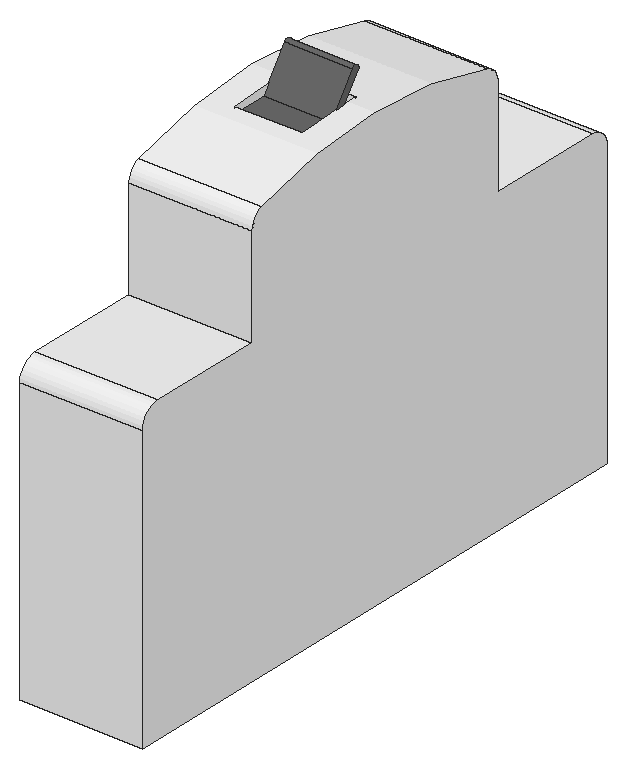
Revit family "Power-ModularDevices-GEWISS-90MCB-MTC45_1PN", category Apparecchi elettrici, host Superficie, Revit 2016 (continued)
Automatic sketch dimensions
  curve 50 to curve 48 = 0.334 mm
  curve 7 to curve 6 = 0.334 mm
  curve 48 to curve 4 = 0.217 mm
  curve 39 to curve 36 = 0.564 mm
  curve 28 to curve 33 = 0.564 mm
  curve 10 to curve 3 = 0.522 mm
  curve 35 to curve 25 = 0.627 mm
  curve 57 to curve 53 = 1.044 mm
  curve 49 to curve 44 = 1.044 mm
  curve 16 to curve 18 = 1.045 mm
  curve 17 to curve 19 = 0.334 mm
  curve 44 to curve 45 = 0.334 mm
  curve 52 to curve 55 = 0.334 mm
  curve 3 to curve 106 = 0.856 mm
  curve 54 to curve 5 = 0.203 mm
  curve 10 to curve 105 = 1.044 mm
  curve 45 to curve 23 = 1.044 mm
  curve 19 to curve 12 = 1.044 mm
  curve 5 to curve 56 = 0.841 mm
  curve 25 to curve 25 = 1.566 mm
  curve 21 to curve 46 = 0 mm
  curve 25 to curve 26 = 0 mm
  curve 4 to curve 102 = 0.53 mm
  curve 47 to curve 380 = 9.193 mm
  curve 93 to curve 380 = 0 mm
  curve 92 to curve 93 = 0.347 mm
  curve 380 to curve 381 = 0.347 mm
  curve 92 to curve 91 = 0.347 mm
  curve 380 to curve 380 = 0.347 mm
  curve 379 to curve 378 = 0.947 mm
  curve 93 to curve 95 = 0.947 mm  (x2)
  curve 91 to curve 90 = 0.947 mm
  curve 381 to curve 382 = 0.947 mm  (x2)
  curve 382 to curve 383 = 1.293 mm
  curve 94 to curve 95 = 1.293 mm
  curve 378 to curve 377 = 1.293 mm
  curve 90 to curve 90 = 1.293 mm
  curve 377 to curve 377 = 1.293 mm
  curve 383 to curve 384 = 1.293 mm
  curve 89 to curve 88 = 1.293 mm
  curve 95 to curve 97 = 1.293 mm
  curve 376 to curve 376 = 0.947 mm  (x2)
  curve 88 to curve 88 = 0.947 mm  (x2)
  curve 384 to curve 385 = 0.947 mm
  curve 96 to curve 98 = 0.947 mm
  curve 385 to curve 386 = 0.347 mm
  curve 97 to curve 87 = 0.347 mm
  curve 87 to curve 74 = 6.51 mm
  curve 99 to curve 63 = 0.251 mm
  curve 68 to curve 9 = 1.512 mm
  curve 8 to curve 11 = 0.336 mm
  curve 72 to curve 78 = 1.913 mm
  curve 74 to curve 90 = 1.913 mm
  curve 10 to curve 105 = 0.229 mm
  curve 77 to curve 78 = 0.347 mm
  curve 77 to curve 77 = 0.347 mm
  curve 89 to curve 88 = 0.347 mm
  curve 89 to curve 90 = 0.347 mm
  curve 10 to curve 7 = 1.043 mm
  curve 11 to curve 7 = 0 mm
  curve 90 to curve 91 = 0.947 mm
  curve 78 to curve 79 = 0.947 mm
  curve 7 to curve 14 = 0.334 mm
  curve 6 to curve 108 = 1.378 mm
  curve 16 to curve 19 = 0.001 mm
  curve 87 to curve 98 = 1.293 mm  (x2)
  curve 75 to curve 75 = 1.293 mm
  curve 79 to curve 81 = 1.293 mm
  curve 91 to curve 92 = 1.293 mm
  curve 107 to curve 15 = 0.523 mm
  curve 14 to curve 37 = 0.334 mm
  curve 75 to curve 86 = 1.293 mm
  curve 80 to curve 81 = 1.293 mm
  curve 92 to curve 93 = 1.293 mm
  curve 38 to curve 16 = 1.044 mm
  curve 17 to curve 20 = 0 mm
  curve 16 to curve 39 = 0.136 mm
  curve 81 to curve 83 = 0.947 mm
  curve 85 to curve 84 = 0.947 mm
  curve 97 to curve 97 = 0.947 mm
  curve 12 to curve 40 = 0.782 mm
  curve 96 to curve 95 = 0.347 mm
  curve 84 to curve 84 = 0.347 mm
  curve 39 to curve 37 = 0.825 mm
  curve 39 to curve 35 = 1.201 mm
  curve 36 to curve 35 = 0.637 mm
  curve 40 to curve 41 = 1.046 mm
  curve 35 to curve 26 = 0.804 mm
  curve 25 to curve 27 = 0.627 mm
  curve 34 to curve 34 = 1.086 mm
  curve 25 to curve 33 = 0.804 mm
  curve 33 to curve 32 = 0.637 mm
  curve 26 to curve 28 = 1.044 mm
  curve 32 to curve 28 = 1.201 mm
  curve 28 to curve 23 = 0.136 mm
  curve 83 to curve 390 = 3.826 mm
  curve 95 to curve 378 = 3.826 mm
  curve 389 to curve 389 = 0.347 mm
  curve 377 to curve 377 = 0.347 mm
  curve 389 to curve 390 = 0.347 mm
  curve 377 to curve 378 = 0.347 mm
  curve 22 to curve 22 = 1.044 mm
  curve 29 to curve 21 = 0 mm
  curve 21 to curve 45 = 0.334 mm
  curve 43 to curve 45 = 0 mm
  curve 389 to curve 388 = 0.947 mm
  curve 390 to curve 392 = 0.947 mm
  curve 378 to curve 380 = 0.947 mm
  curve 21 to curve 110 = 1.378 mm
  curve 388 to curve 387 = 1.293 mm
  curve 392 to curve 392 = 1.293 mm
  curve 375 to curve 386 = 1.293 mm
  curve 379 to curve 380 = 1.293 mm
  curve 49 to curve 45 = 0.856 mm
  curve 45 to curve 48 = 1.044 mm
  curve 42 to curve 48 = 0 mm
  curve 380 to curve 382 = 1.293 mm
  curve 392 to curve 393 = 1.293 mm
  curve 375 to curve 385 = 1.293 mm
  curve 387 to curve 398 = 1.293 mm
  curve 47 to curve 54 = 0.334 mm
  curve 42 to curve 52 = 0.334 mm
  curve 54 to curve 5 = 0.14 mm
  curve 48 to curve 4 = 0.666 mm
  curve 398 to curve 396 = 0.947 mm
  curve 393 to curve 395 = 0.947 mm
  curve 385 to curve 385 = 0.947 mm
  curve 52 to curve 112 = 0.82 mm
  curve 384 to curve 383 = 0.347 mm
  curve 396 to curve 395 = 0.347 mm
  curve 55 to curve 56 = 1.044 mm
  curve 4 to curve 58 = 0.713 mm
  curve 57 to curve 114 = 0.728 mm
  curve 61 to curve 362 = 17.497 mm
  curve 4 to curve 71 = 1.847 mm
  curve 99 to curve 362 = 2.193 mm
  curve 61 to curve 70 = 1.807 mm
  curve 67 to curve 65 = 4.5 mm
  curve 65 to curve 66 = 2 mm
  curve 66 to curve 69 = 3.255 mm
  curve 69 to curve 60 = 5 mm
  curve 62 to curve 65 = 3.78 mm
  curve 99 to curve 61 = 5.527 mm
  curve 362 to curve 99 = 5.527 mm
  curve 67 to curve 363 = 3.733 mm
  curve 184 to curve 417 = 6.163 mm
  curve 184 to curve 193 = 6.163 mm
  curve 192 to curve 194 = 0.347 mm
  curve 192 to curve 192 = 0.347 mm
  curve 417 to curve 415 = 0.347 mm
  curve 416 to curve 418 = 0.347 mm
  curve 417 to curve 418 = 0.947 mm
  curve 415 to curve 415 = 0.947 mm
  curve 193 to curve 194 = 0.947 mm
  curve 191 to curve 191 = 0.947 mm
  curve 418 to curve 420 = 1.293 mm
  curve 414 to curve 414 = 1.293 mm
  curve 190 to curve 189 = 1.293 mm
  curve 194 to curve 195 = 1.293 mm
  curve 195 to curve 196 = 1.293 mm
  curve 413 to curve 413 = 1.293 mm
  curve 189 to curve 188 = 1.293 mm
  curve 419 to curve 420 = 1.293 mm
  curve 188 to curve 188 = 0.947 mm  (x2)
  curve 413 to curve 411 = 0.947 mm
  curve 420 to curve 422 = 0.947 mm
  curve 196 to curve 197 = 0.947 mm
  curve 421 to curve 422 = 0.347 mm
  curve 197 to curve 198 = 0.347 mm
  curve 187 to curve 171 = 9.01 mm
  curve 171 to curve 173 = 13.663 mm
  curve 171 to curve 365 = 13.663 mm
  curve 173 to curve 174 = 7.307 mm
  curve 365 to curve 224 = 19.699 mm
  curve 155 to curve 164 = 0 mm
  curve 143 to curve 154 = 0 mm
  curve 125 to curve 143 = 0 mm
  curve 119 to curve 125 = 0 mm
  curve 146 to curve 143 = 0 mm
  curve 126 to curve 150 = 0 mm
  curve 126 to curve 220 = 1.044 mm
  curve 127 to curve 150 = 0 mm
  curve 154 to curve 162 = 1.044 mm
  curve 224 to curve 170 = 1.044 mm
  curve 143 to curve 140 = 1.044 mm
  curve 216 to curve 121 = 1.044 mm
  curve 151 to curve 129 = 0.334 mm
  curve 170 to curve 225 = 0.334 mm
  curve 141 to curve 133 = 0.334 mm
  curve 162 to curve 160 = 0.334 mm
  curve 119 to curve 118 = 0.334 mm
  curve 160 to curve 116 = 0.217 mm
  curve 151 to curve 148 = 0.564 mm
  curve 140 to curve 145 = 0.564 mm
  curve 122 to curve 115 = 0.522 mm
  curve 147 to curve 137 = 0.627 mm
  curve 169 to curve 165 = 1.044 mm
  curve 161 to curve 156 = 1.044 mm
  curve 128 to curve 130 = 1.045 mm
  curve 129 to curve 131 = 0.334 mm
  curve 156 to curve 157 = 0.334 mm
  curve 164 to curve 167 = 0.334 mm
  curve 115 to curve 218 = 0.856 mm
  curve 166 to curve 117 = 0.203 mm
  curve 122 to curve 217 = 1.044 mm
  curve 157 to curve 135 = 1.044 mm
  curve 131 to curve 124 = 1.044 mm
  curve 117 to curve 168 = 0.841 mm
  curve 137 to curve 137 = 1.566 mm
  curve 133 to curve 158 = 0 mm
  curve 137 to curve 138 = 0 mm
  curve 116 to curve 214 = 0.53 mm
  curve 159 to curve 404 = 9.193 mm
  curve 205 to curve 404 = 0 mm
  curve 204 to curve 205 = 0.347 mm
  curve 404 to curve 405 = 0.347 mm
  curve 204 to curve 203 = 0.347 mm
  curve 404 to curve 404 = 0.347 mm
  curve 403 to curve 402 = 0.947 mm
  curve 205 to curve 207 = 0.947 mm  (x2)
  curve 203 to curve 202 = 0.947 mm
  curve 405 to curve 406 = 0.947 mm  (x2)
  curve 406 to curve 407 = 1.293 mm
  curve 206 to curve 207 = 1.293 mm
  curve 402 to curve 401 = 1.293 mm
  curve 202 to curve 202 = 1.293 mm
  curve 401 to curve 401 = 1.293 mm
  curve 407 to curve 408 = 1.293 mm
  curve 201 to curve 200 = 1.293 mm
  curve 207 to curve 209 = 1.293 mm
  curve 400 to curve 400 = 0.947 mm  (x2)
  curve 200 to curve 200 = 0.947 mm  (x2)
  curve 408 to curve 409 = 0.947 mm
  curve 208 to curve 210 = 0.947 mm
  curve 409 to curve 410 = 0.347 mm
  curve 209 to curve 199 = 0.347 mm
  curve 199 to curve 186 = 6.51 mm
  curve 211 to curve 175 = 0.251 mm
  curve 180 to curve 121 = 1.512 mm
  curve 120 to curve 123 = 0.336 mm
  curve 184 to curve 190 = 1.913 mm
  curve 186 to curve 202 = 1.913 mm
  curve 122 to curve 217 = 0.229 mm
  curve 189 to curve 190 = 0.347 mm
  curve 189 to curve 189 = 0.347 mm
  curve 201 to curve 200 = 0.347 mm
  curve 201 to curve 202 = 0.347 mm
  curve 122 to curve 119 = 1.043 mm
  curve 123 to curve 119 = 0 mm
  curve 202 to curve 203 = 0.947 mm
  curve 190 to curve 191 = 0.947 mm
  curve 119 to curve 126 = 0.334 mm
  curve 118 to curve 220 = 1.378 mm
  curve 128 to curve 131 = 0.001 mm
  curve 199 to curve 210 = 1.293 mm  (x2)
  curve 187 to curve 187 = 1.293 mm
  curve 191 to curve 193 = 1.293 mm
  curve 203 to curve 204 = 1.293 mm
  curve 219 to curve 127 = 0.523 mm
  curve 126 to curve 149 = 0.334 mm
  curve 187 to curve 198 = 1.293 mm
  curve 192 to curve 193 = 1.293 mm
  curve 204 to curve 205 = 1.293 mm
  curve 150 to curve 128 = 1.044 mm
  curve 129 to curve 132 = 0 mm
  curve 128 to curve 151 = 0.136 mm
  curve 193 to curve 195 = 0.947 mm
  curve 197 to curve 196 = 0.947 mm
  curve 209 to curve 209 = 0.947 mm
  curve 124 to curve 152 = 0.782 mm
  curve 208 to curve 207 = 0.347 mm
  curve 196 to curve 196 = 0.347 mm
  curve 151 to curve 149 = 0.825 mm
  curve 151 to curve 147 = 1.201 mm
  curve 148 to curve 147 = 0.637 mm
  curve 152 to curve 153 = 1.046 mm
  curve 147 to curve 138 = 0.804 mm
  curve 137 to curve 139 = 0.627 mm
  curve 146 to curve 146 = 1.086 mm
  curve 137 to curve 145 = 0.804 mm
  curve 145 to curve 144 = 0.637 mm
  curve 138 to curve 140 = 1.044 mm
  curve 144 to curve 140 = 1.201 mm
  curve 140 to curve 135 = 0.136 mm
  curve 195 to curve 414 = 3.826 mm
  curve 207 to curve 402 = 3.826 mm
  curve 413 to curve 413 = 0.347 mm
  curve 401 to curve 401 = 0.347 mm
  curve 413 to curve 414 = 0.347 mm
  curve 401 to curve 402 = 0.347 mm
  curve 134 to curve 134 = 1.044 mm
  curve 141 to curve 133 = 0 mm
  curve 133 to curve 157 = 0.334 mm
  curve 155 to curve 157 = 0 mm
  curve 413 to curve 412 = 0.947 mm
  curve 414 to curve 416 = 0.947 mm
  curve 402 to curve 404 = 0.947 mm
  curve 133 to curve 222 = 1.378 mm
  curve 412 to curve 411 = 1.293 mm
  curve 416 to curve 416 = 1.293 mm
  curve 399 to curve 410 = 1.293 mm
  curve 403 to curve 404 = 1.293 mm
  curve 161 to curve 157 = 0.856 mm
  curve 157 to curve 160 = 1.044 mm
  curve 154 to curve 160 = 0 mm
  curve 404 to curve 406 = 1.293 mm
  curve 416 to curve 417 = 1.293 mm
  curve 399 to curve 409 = 1.293 mm
  curve 411 to curve 422 = 1.293 mm
  curve 159 to curve 166 = 0.334 mm
  curve 154 to curve 164 = 0.334 mm
  curve 166 to curve 117 = 0.14 mm
  curve 160 to curve 116 = 0.666 mm
  curve 422 to curve 420 = 0.947 mm
  curve 417 to curve 419 = 0.947 mm
  curve 409 to curve 409 = 0.947 mm
  curve 164 to curve 224 = 0.82 mm
  curve 408 to curve 407 = 0.347 mm
  curve 420 to curve 419 = 0.347 mm
  curve 167 to curve 168 = 1.044 mm
  curve 116 to curve 170 = 0.713 mm
  curve 169 to curve 226 = 0.728 mm
  curve 173 to curve 364 = 17.497 mm
  curve 116 to curve 183 = 1.847 mm
  curve 211 to curve 364 = 2.193 mm
  curve 173 to curve 182 = 1.807 mm
  curve 179 to curve 177 = 4.5 mm
  curve 177 to curve 178 = 2 mm
  curve 178 to curve 181 = 3.255 mm
  curve 181 to curve 172 = 5 mm
  curve 174 to curve 177 = 3.78 mm
  curve 211 to curve 173 = 5.527 mm
  curve 364 to curve 211 = 5.527 mm
  curve 179 to curve 365 = 3.733 mm
  curve 229 to curve 368 = 0 mm
  curve 229 to curve 368 = 9 mm
  curve 1 to curve 369 = 0 mm
  curve 1 to curve 369 = 9 mm
  curve 2 to curve 370 = 0 mm
  curve 2 to curve 370 = 9 mm
  curve 227 to curve 371 = 0 mm
  curve 227 to curve 371 = 9 mm
  curve 228 to curve 372 = 0 mm
  curve 228 to curve 372 = 9 mm
  curve 366 to curve 373 = 0 mm
  curve 366 to curve 373 = 9 mm
  curve 367 to curve 374 = 0 mm
  curve 367 to curve 374 = 9 mm
  radius of curve 229 = 2.5 mm
  radius of curve 368 = 2.5 mm
  radius of curve 1 = 2.5 mm
  radius of curve 369 = 2.5 mm
  radius of curve 2 = 2.5 mm
  radius of curve 370 = 2.5 mm
  radius of curve 227 = 2.5 mm
  radius of curve 371 = 2.5 mm
  radius of curve 228 = 2.5 mm
  radius of curve 372 = 2.5 mm
  radius of curve 366 = 2.5 mm
  radius of curve 373 = 2.5 mm
  radius of curve 367 = 2.5 mm
  radius of curve 374 = 2.5 mm
Nested families
  nested 1: "MAGTER" at (0, 66.236, 0), Distanza dal muro <- "Distanza dal muro", SIMBOLO <- "Simbolo_", type "MAGTER"
    with SIMBOLO yes, Distanza dal muro 4.208 mm, BORDO ACCESO yes
Connectors
  electrical at (0, 42.5, -23.89), driven by "Numero di poli_", driven by "Voltaggio", driven by "Carico apparente"
    settings: on cut or joined group of Extrusion 1, Extrusion 15, index 1, voltage 230 V, apparent load 0 VA, apparent load phase1 0 VA, apparent load phase2 0 VA, apparent load phase3 0 VA, power factor 1, load classification "Altro", number of poles 1, system type 31, power factor state 1, is connector primary yes, connector utility no, sub classification motor no, connector description ""
Definition of nested family "MAGTER"
  Parameters (values of type "MAGTER")
    SIMBOLO [instance] = yes
    Distanza dal muro [instance] = 4.208 mm
    BORDO ACCESO [instance] = yes
  Reference planes
    plane 1: y = 0
    plane 2: x = 0
  Lines and regions (mm)
    detail lines, visible <- "BORDO ACCESO", not visible
      curve 1: line (-2.25, 0.412, 0) -> (2.25, 0.412, 0)
      curve 2: line (2.25, 0.412, 0) -> (2.25, -5.588, 0)
      curve 3: line (2.25, -5.588, 0) -> (-2.25, -5.588, 0)
      curve 4: line (-2.25, -5.588, 0) -> (-2.25, 0.412, 0)
      curve 30: line (-1.85, 0.012, 0) -> (1.85, 0.012, 0)
      curve 31: line (1.85, 0.012, 0) -> (1.85, -5.188, 0)
      curve 32: line (1.85, -5.188, 0) -> (-1.85, -5.188, 0)
      curve 33: line (-1.85, -5.188, 0) -> (-1.85, 0.012, 0)
      curve 34: line (-2.25, 6, 0) -> (2.25, 6, 0)
      curve 35: line (2.25, 6, 0) -> (2.25, 0, 0)
      curve 36: line (2.25, 0, 0) -> (-2.25, 0, 0)
      curve 37: line (-2.25, 0, 0) -> (-2.25, 6, 0)
      curve 61: line (-1.85, 5.6, 0) -> (1.85, 5.6, 0)
      curve 62: line (1.85, 5.6, 0) -> (1.85, 0.4, 0)
      curve 63: line (1.85, 0.4, 0) -> (-1.85, 0.4, 0)
      curve 64: line (-1.85, 0.4, 0) -> (-1.85, 5.6, 0)
      curve 65: line (-2.443, 10.208, 0) -> (2.057, 10.208, 0)
      curve 66: line (2.057, 10.208, 0) -> (2.057, 4.208, 0)
      curve 67: line (2.057, 4.208, 0) -> (-2.443, 4.208, 0)
      curve 68: line (-2.443, 4.208, 0) -> (-2.443, 10.208, 0)
      curve 69: line (-2.043, 9.808, 0) -> (1.657, 9.808, 0)
      curve 70: line (1.657, 9.808, 0) -> (1.657, 4.608, 0)
      curve 71: line (1.657, 4.608, 0) -> (-2.043, 4.608, 0)
      curve 72: line (-2.043, 4.608, 0) -> (-2.043, 9.808, 0)
    detail lines, not visible
      curve 5: line (-9.473, -5.588, 0) -> (10.527, -5.588, 0)
      curve 6: circle (-0.56, -0.487, 0) r 0.969 normal (0, 0, 1)
      curve 7: line (-0.005, 0.306, 0) -> (0.852, 1.529, 0)
      curve 8: line (0.852, 1.529, 0) -> (1.529, 1.047, 0)
      curve 9: circle (-0.56, -315.487, 0) r 0.969 normal (0, 0, 1)
      curve 10: line (-0.005, -314.694, 0) -> (0.852, -313.471, 0)
      curve 11: line (0.852, -313.471, 0) -> (1.529, -313.953, 0)
      curve 12: line (-1.245, -314.803, 0) -> (0.124, -316.172, 0)
      curve 13: line (0.124, -314.803, 0) -> (-1.245, -316.172, 0)
      curve 14: circle (-0.56, -480.487, 0) r 0.969 normal (0, 0, 1)
      curve 15: line (-0.005, -479.694, 0) -> (0.852, -478.471, 0)
      curve 16: line (0.852, -478.471, 0) -> (1.529, -478.953, 0)
      curve 17: line (0.493, -478.983, 0) -> (1.167, -479.462, 0)
      curve 18: circle (-0.56, -880.487, 0) r 0.969 normal (0, 0, 1)
      curve 19: line (-0.005, -879.694, 0) -> (0.852, -878.471, 0)
      curve 20: line (0.852, -878.471, 0) -> (1.529, -878.953, 0)
      curve 21: line (-1.245, -879.803, 0) -> (0.124, -881.172, 0)
      curve 22: line (0.124, -879.803, 0) -> (-1.245, -881.172, 0)
      curve 23: line (0.493, -878.983, 0) -> (1.167, -879.462, 0)
      curve 24: circle (-0.56, -365.487, 0) r 0.969 normal (0, 0, 1)
      curve 25: line (-0.005, -364.694, 0) -> (0.852, -363.471, 0)
      curve 26: line (0.852, -363.471, 0) -> (1.529, -363.953, 0)
      curve 27: line (-0.56, -364.925, 0) -> (-0.56, -366.05, 0)
      curve 28: line (0.493, -363.983, 0) -> (1.167, -364.462, 0)
      curve 29: line (0, 3.621, 0) -> (0, -16.379, 0)
      curve 38: circle (-0.56, 2.417, 0) r 0.969 normal (0, 0, 1)
      curve 39: line (-0.005, 3.21, 0) -> (0.852, 4.433, 0)
      curve 40: line (0.852, 4.433, 0) -> (1.529, 3.951, 0)
      curve 41: circle (-0.56, 2.417, 0) r 0.969 normal (0, 0, 1)
      curve 42: line (-0.005, 3.21, 0) -> (0.852, 4.433, 0)
      curve 43: line (0.852, 4.433, 0) -> (1.529, 3.951, 0)
      curve 44: line (-1.245, 3.102, 0) -> (0.124, 1.732, 0)
      curve 45: line (0.124, 3.102, 0) -> (-1.245, 1.732, 0)
      curve 46: circle (-0.56, 2.417, 0) r 0.969 normal (0, 0, 1)
      curve 47: line (-0.005, 3.21, 0) -> (0.852, 4.433, 0)
      curve 48: line (0.852, 4.433, 0) -> (1.529, 3.951, 0)
      curve 49: circle (-0.56, 2.417, 0) r 0.969 normal (0, 0, 1)
      curve 50: line (-0.005, 3.21, 0) -> (0.852, 4.433, 0)
      curve 51: line (0.852, 4.433, 0) -> (1.529, 3.951, 0)
      curve 52: line (-1.245, 3.102, 0) -> (0.124, 1.732, 0)
      curve 53: line (0.124, 3.102, 0) -> (-1.245, 1.732, 0)
      curve 54: line (0.493, 3.921, 0) -> (1.167, 3.442, 0)
      curve 55: line (0.493, 3.921, 0) -> (1.167, 3.442, 0)
      curve 56: circle (-0.56, 2.417, 0) r 0.969 normal (0, 0, 1)
      curve 57: line (-0.005, 3.21, 0) -> (0.852, 4.433, 0)
      curve 58: line (0.852, 4.433, 0) -> (1.529, 3.951, 0)
      curve 59: line (-0.56, 2.979, 0) -> (-0.56, 1.854, 0)
      curve 60: line (0.493, 3.921, 0) -> (1.167, 3.442, 0)
      curve 73: line (-1.644, 2.848, 0) -> (1.644, 2.848, 0)
      curve 74: line (-1.644, 0.61, 0) -> (-1.644, 2.848, 0)
      curve 75: line (1.644, 0.61, 0) -> (-1.644, 0.61, 0)
      curve 76: line (1.644, 2.848, 0) -> (1.644, 0.61, 0)
      curve 77: line (-1.325, 0.987, 0) -> (1.325, 0.987, 0)
      curve 78: circle (0, 1.912, 0) r 0.5 normal (0, 0, 1)
      curve 79: circle (0, 1.912, 0) r 0.8 normal (0, 0, 1)
      curve 80: line (-1.325, 0.987, 0) -> (1.325, 0.987, 0)
      curve 81: line (-0.354, 2.265, 0) -> (0.354, 1.558, 0)
      curve 82: line (0.354, 2.265, 0) -> (-0.354, 1.558, 0)
  Dimensions and locks
    aligned and locked: curve 5 to curve 3
    aligned and locked: plane 2 to nested 1
  Nested families
    nested 1: "MAGTER_BASE" at (0, 1.316, 0), BORDO ACCESO <- "BORDO ACCESO", visible <- "SIMBOLO", type "SIMBOLO"
      with BORDO ACCESO yes
  Definition of nested family "MAGTER_BASE"
    Parameters (values of type "SIMBOLO")
      BORDO ACCESO [instance] = yes
    Reference planes
      plane 1: y = 0
      plane 2: x = 0
    Lines and regions (mm)
      detail lines, visible <- "BORDO ACCESO", not visible
        curve 1: line (-1.943, 9.208, 0) -> (1.857, 9.208, 0)
        curve 2: line (1.857, 9.208, 0) -> (1.857, 4.208, 0)
        curve 3: line (1.857, 4.208, 0) -> (-1.943, 4.208, 0)
        curve 4: line (-1.943, 4.208, 0) -> (-1.943, 9.208, 0)
        curve 5: line (-1.743, 9.008, 0) -> (1.657, 9.008, 0)
        curve 6: line (1.657, 9.008, 0) -> (1.657, 4.408, 0)
        curve 7: line (1.657, 4.408, 0) -> (-1.743, 4.408, 0)
        curve 8: line (-1.743, 4.408, 0) -> (-1.743, 9.008, 0)
      detail lines, not visible
        curve 9: line (-1.644, 2.848, 0) -> (1.644, 2.848, 0)
        curve 10: line (-1.644, 0.61, 0) -> (-1.644, 2.848, 0)
        curve 11: line (1.644, 0.61, 0) -> (-1.644, 0.61, 0)
        curve 12: line (1.644, 2.848, 0) -> (1.644, 0.61, 0)
        curve 13: line (-1.325, 0.987, 0) -> (1.325, 0.987, 0)
        curve 14: circle (0, 1.912, 0) r 0.5 normal (0, 0, 1)
        curve 15: circle (0, 1.912, 0) r 0.8 normal (0, 0, 1)
        curve 16: line (-1.325, 0.987, 0) -> (1.325, 0.987, 0)
        curve 17: line (-0.354, 2.265, 0) -> (0.354, 1.558, 0)
        curve 18: line (0.354, 2.265, 0) -> (-0.354, 1.558, 0)
        curve 19: circle (0, -4.588, 0) r 1 normal (0, 0, 1)
        curve 20: circle (0, -4.588, 0) r 0.749 normal (0, 0, 1)
        curve 21: line (0.53, -5.117, 0) -> (-0.53, -4.058, 0)
        curve 22: line (-0.53, -5.117, 0) -> (0.53, -4.058, 0)
        curve 23: circle (0, -6.992, 0) r 1 normal (0, 0, 1)
        curve 24: circle (0, -6.992, 0) r 0.749 normal (0, 0, 1)
        curve 25: circle (0, -8.992, 0) r 1 normal (0, 0, 1)
        curve 26: circle (0, -8.992, 0) r 0.749 normal (0, 0, 1)
        curve 27: circle (0, 2.508, 0) r 0.527 normal (0, 0, 1)
        curve 28: line (0, 2.809, 0) -> (0, 2.179, 0)
        curve 29: circle (0, 2.508, 0) r 0.394 normal (0, 0, 1)
        curve 30: line (0, 1.982, 0) -> (0, 1.691, 0)
        curve 31: line (-0.162, 1.691, 0) -> (0.162, 1.691, 0)
        curve 32: line (-0.162, 1.691, 0) -> (0, 1.41, 0)
        curve 33: line (0, 1.41, 0) -> (0.162, 1.691, 0)
        curve 34: line (-0.866, 3.093, 0) -> (0.866, 3.093, 0)
        curve 35: line (-0.866, 1.915, 0) -> (-0.866, 3.093, 0)
        curve 36: line (0.866, 1.915, 0) -> (-0.866, 1.915, 0)
        curve 37: line (0.866, 3.093, 0) -> (0.866, 1.915, 0)
        curve 38: line (-0.698, 2.113, 0) -> (0.698, 2.113, 0)
        curve 39: circle (0, 2.6, 0) r 0.263 normal (0, 0, 1)
        curve 40: circle (0, 2.6, 0) r 0.421 normal (0, 0, 1)
        curve 41: line (-0.698, 2.113, 0) -> (0.698, 2.113, 0)
        curve 42: line (-0.186, 2.786, 0) -> (0.186, 2.414, 0)
        curve 43: line (0.186, 2.786, 0) -> (-0.186, 2.414, 0)
        curve 44: circle (0, 2.508, 0) r 0.527 normal (0, 0, 1)
        curve 45: circle (0, 2.508, 0) r 0.394 normal (0, 0, 1)
        curve 46: line (0.279, 2.229, 0) -> (-0.279, 2.787, 0)
        curve 47: line (-0.279, 2.229, 0) -> (0.279, 2.787, 0)
        curve 48: circle (0, 3.035, 0) r 0.527 normal (0, 0, 1)
        curve 49: circle (0, 3.035, 0) r 0.394 normal (0, 0, 1)
        curve 50: circle (0, 1.982, 0) r 0.527 normal (0, 0, 1)
        curve 51: circle (0, 1.982, 0) r 0.394 normal (0, 0, 1)
        curve 52: line (7.117, 11.625, 0) -> (8, 12.528, 0)
        curve 53: line (7.117, 12.528, 0) -> (8, 11.625, 0)
        curve 54: line (4.688, 6.204, 0) -> (10.431, 6.204, 0)
        curve 55: line (10.431, 6.204, 0) -> (10.431, 0.331, 0)
        curve 56: line (10.431, 0.331, 0) -> (4.688, 0.331, 0)
        curve 57: line (4.688, 0.331, 0) -> (4.688, 6.204, 0)
        curve 58: line (4.688, 3.267, 0) -> (10.431, 3.267, 0)
        curve 59: line (5.351, 12.077, 0) -> (7.56, 7.332, 0)
        curve 60: line (7.56, 7.332, 0) -> (7.56, 6.204, 0)
        curve 61: line (7.56, 6.204, 0) -> (7.56, 5.525, 0)
        curve 62: line (7.56, 5.525, 0) -> (8.884, 5.525, 0)
        curve 63: line (8.884, 5.525, 0) -> (8.884, 3.944, 0)
        curve 64: line (8.884, 3.944, 0) -> (7.56, 3.944, 0)
        curve 65: line (7.56, 3.944, 0) -> (7.56, 3.267, 0)
        curve 66: line (7.56, 3.267, 0) -> (7.56, 2.362, 0)
        curve 67: line (7.56, 2.362, 0) -> (8.443, 2.362, 0)
        curve 68: line (8.443, 1.007, 0) -> (7.56, 1.007, 0)
        curve 69: line (7.56, 1.007, 0) -> (7.56, 0.331, 0)
        curve 70: line (5.651, 11.428, 0) -> (6.285, 10.069, 0)
        curve 71: line (6.285, 10.069, 0) -> (5.843, 9.843, 0)
        curve 72: line (5.843, 9.843, 0) -> (5.2, 11.2, 0)
        curve 73: line (5.2, 11.2, 0) -> (5.651, 11.428, 0)
        curve 74: line (5.651, 11.428, 0) -> (5.2, 11.2, 0)
        curve 75: line (5.2, 11.2, 0) -> (5.843, 9.843, 0)
        curve 76: line (5.843, 9.843, 0) -> (6.285, 10.069, 0)
        curve 77: line (6.285, 10.069, 0) -> (5.651, 11.428, 0)
        curve 78: line (5.651, 11.428, 0) -> (5.2, 11.2, 0)
        curve 79: line (5.2, 11.2, 0) -> (5.843, 9.843, 0)
        curve 80: line (5.843, 9.843, 0) -> (6.285, 10.069, 0)
        curve 81: line (6.285, 10.069, 0) -> (5.651, 11.428, 0)
        curve 82: line (5.651, 11.428, 0) -> (5.2, 11.2, 0)
        curve 83: line (5.2, 11.2, 0) -> (5.843, 9.843, 0)
        curve 84: line (5.843, 9.843, 0) -> (6.285, 10.069, 0)
        curve 85: line (4.688, 0.331, 0) -> (10.431, 0.331, 0)
        curve 86: line (10.431, 0.331, 0) -> (10.431, -2.606, 0)
        curve 87: line (10.431, -2.606, 0) -> (4.688, -2.606, 0)
        curve 88: line (4.688, -2.606, 0) -> (4.688, 0.331, 0)
        curve 89: line (7.56, -6.718, 0) -> (7.56, -2.606, 0)
        curve 90: line (7.56, 12.075, 0) -> (7.56, 16.775, 0)
        curve 91: arc (8.443, 2.362, 0) -> (9.12, 1.685, 0) -> (8.443, 1.007, 0) r 0.677
        curve 108: line (-1.483, 1.007, 0) -> (-1.663, 1.007, 0)
        curve 109: line (-1.483, 0.807, 0) -> (-1.483, 1.007, 0)
        curve 110: line (-1.663, 0.807, 0) -> (-1.483, 0.807, 0)
        curve 111: line (-1.663, 1.007, 0) -> (-1.663, 0.807, 0)
        curve 115: arc (1.499, 0.957, 0) -> (1.599, 1.057, 0) -> (1.499, 1.157, 0) r 0.1
        curve 116: line (1.499, 1.157, 0) -> (1.499, 0.957, 0)
      detail lines
        curve 92: line (-0.229, 1.332, 0) -> (0.307, 1.332, 0)
        curve 93: line (0.307, 1.332, 0) -> (0.307, 0.623, 0)
        curve 94: line (0.307, 0.623, 0) -> (-0.229, 0.623, 0)
        curve 95: line (-0.229, 0.623, 0) -> (-0.229, 1.332, 0)
        curve 96: line (-0.229, 0.977, 0) -> (0.307, 0.977, 0)
        curve 97: line (-0.267, 2.041, 0) -> (0, 1.468, 0)
        curve 98: line (0, 1.25, 0) -> (0.16, 1.25, 0)
        curve 99: line (0.16, 1.25, 0) -> (0.16, 1.059, 0)
        curve 100: line (0.16, 1.059, 0) -> (0, 1.059, 0)
        curve 101: line (-0.229, 0.623, 0) -> (0.307, 0.623, 0)
        curve 102: line (0, 0.207, 0) -> (0, 0.707, 0)
        curve 103: line (0, 2.041, 0) -> (0, 2.241, 0)
        curve 104: line (0, 0.897, 0) -> (0.189, 0.897, 0)
        curve 105: line (0.191, 0.707, 0) -> (0, 0.707, 0)
        curve 106: line (-0.071, 1.97, 0) -> (0.068, 2.114, 0)
        curve 107: line (-0.071, 2.114, 0) -> (0.068, 1.97, 0)
        curve 112: line (0, 1.25, 0) -> (0, 1.468, 0)
        curve 113: line (0, 0.897, 0) -> (0, 1.059, 0)
        curve 114: arc (0.191, 0.707, 0) -> (0.26, 0.803, 0) -> (0.189, 0.897, 0) r 0.1
Types (8, lengths in mm): name | Technical sheet | Rated current: | Rated current (In) | Modello | Immagine tipo | IDT | EAN code | Descrizione
  GW90022 - COMPACT MCB 1P+N C2 4,5KA 1M | "https://www.gewiss.com/ww/en/search?q=GW90022" | "2A" | "2A" | "GW90022" | GW90022.jpg | "a8da6252-9750-4a0a-b155-bc5dd81a931b" | "8011564228122" | "COMPACT MCB 1P+N C2 4,5KA 1M"
  GW90025 - COMPACT MCB 1P+N C6 4,5KA 1M | "https://www.gewiss.com/ww/en/search?q=GW90025" | "6A" | "6A" | "GW90025" | GW90025.jpg | "5aa89d14-0ffe-4bd3-b30c-de77e20d101e" | "8011564056442" | "COMPACT MCB 1P+N C6 4,5KA 1M"
  GW90026 - COMPACT MCB 1P+N C10 4,5KA 1M | "https://www.gewiss.com/ww/en/search?q=GW90026" | "10A" | "10A" | "GW90026" | GW90026.jpg | "04b1a69f-df55-4031-9e30-c0212ceb99b3" | "8011564056459" | "COMPACT MCB 1P+N C10 4,5KA 1M"
  GW90031 - COMPACT MCB 1P+N C13 4,5KA 1M | "https://www.gewiss.com/ww/en/search?q=GW90031" | "13A" | "13A" | "GW90031" | GW90031.jpg | "2dbc19b2-da5e-4e9f-9248-a6ecd1d38506" | "8011564225220" | "COMPACT MCB 1P+N C13 4,5KA 1M"
  GW90027 - COMPACT MCB 1P+N C16 4,5KA 1M | "https://www.gewiss.com/ww/en/search?q=GW90027" | "16A" | "16A" | "GW90027" | GW90027.jpg | "970322e8-5a2e-4fbb-a98b-4bbab83df684" | "8011564056466" | "COMPACT MCB 1P+N C16 4,5KA 1M"
  GW90028 - COMPACT MCB 1P+N C20 4,5KA 1M | "https://www.gewiss.com/ww/en/search?q=GW90028" | "20A" | "20A" | "GW90028" | GW90028.jpg | "572be56b-5a8f-4b38-8cbe-9ac7c9e42632" | "8011564056473" | "COMPACT MCB 1P+N C20 4,5KA 1M"
  GW90029 - COMPACT MCB 1P+N C25 4,5KA 1M | "https://www.gewiss.com/ww/en/search?q=GW90029" | "25A" | "25A" | "GW90029" | GW90029.jpg | "34eee25c-4eff-4872-b8b2-ecc3d192d07b" | "8011564056480" | "COMPACT MCB 1P+N C25 4,5KA 1M"
  GW90030 - COMPACT MCB 1P+N C32 4,5KA 1M | "https://www.gewiss.com/ww/en/search?q=GW90030" | "32A" | "32A" | "GW90030" | GW90030.jpg | "2e2176cd-e275-46c5-a365-ad47bca675dc" | "8011564056497" | "COMPACT MCB 1P+N C32 4,5KA 1M"
